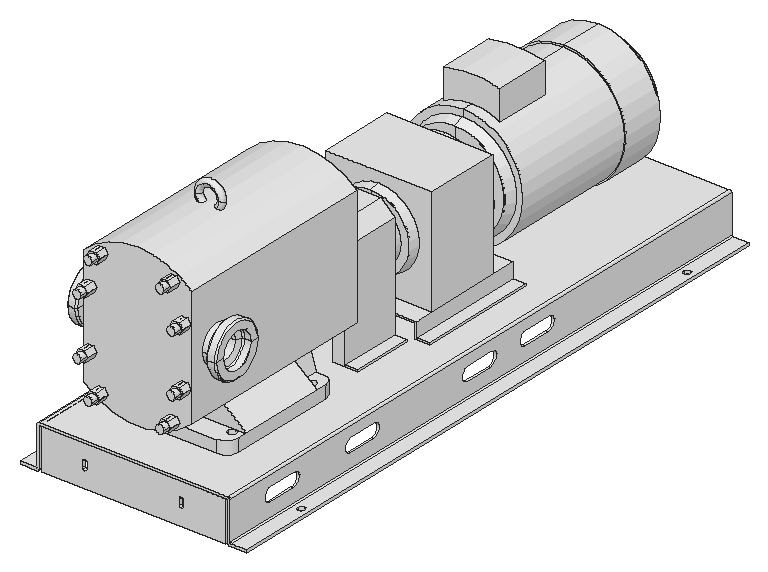
Revit family "MLP 80 - MR282 - Lobe Pump", category Specialty Equipment, Revit 2022
Family settings
  Round Connector Dimension = Use Diameter
  Part Type = Normal
  Work Plane-Based = No
  Always vertical = Yes
  Cut with Voids When Loaded = No
  Maintain Annotation Orientation = No
  Shared = No
  Room Calculation Point = No
Parameters (values of type "MLP 80 - MR282")
  URL = "https://en.ekinendustriyel.com/lobe-pumps/lobe-pumps"
  Pressure = 15.0 bar  # constant formula
  Motor Power = 15 kW  # constant formula
  Model = "MLP-80-TUL - MR282"
  Manufacturer = "Ekin Endüstriyel"
  Keynote = "Lobe Pump"
  Flow = 40.0 m³/h  # constant formula
  Description = "MIT MLP 80 - Lobe Pump"
  Default Elevation = 0 mm
Reference planes
  plane 1 "Center (Front/Back)": y = 0
  plane 2: z = 0
  plane 3 "Center (Left/Right)": x = -884.748
Forms (mm)
  Extrusion 1, solid, material "Ekin Endüstriyel_StainlesSteel"
    sketch origin (0, 0, 0) x (1, 0, 0) y (0, 0, 1)
      loop
        line (-996.247, 346.711) -> (-996.247, 101.086)
        arc (-996.247, 101.086) -> (-884.747, 58.329) -> (-773.247, 101.086) r 166.761
        line (-773.247, 101.086) -> (-773.247, 346.711)
        arc (-773.247, 346.711) -> (-884.747, 390.131) -> (-996.247, 346.711) r 164.871
    from 0 to -428.2
  Sweep 2, solid, material "Ekin Endüstriyel_StainlesSteel"
    path origin (0, 0, 0) x (1, 0, 0) y (0, 0, 1)
      loop
        circle (-884.748, 403.317) r 30.936
    profile origin (-884.748, 0, 372.381) x (0, 0, 1) y (0, -1, 0)
      loop
        circle (7, -188.264) r 7
  Extrusion 3, solid, material "Ekin Endüstriyel_StainlesSteel", detail levels coarse
    sketch origin (-884.748, 0, 0) x (0, 1, 0) y (0, 0, 1)
      loop
        circle (65.098, 223.898) r 55
    from 111.501 to 154.598
  Extrusion 4, solid, material "Ekin Endüstriyel_StainlesSteel", detail levels medium
    sketch origin (-884.748, 0, 0) x (0, 1, 0) y (0, 0, 1)
      loop
        circle (65.098, 223.898) r 55
      loop
        circle (65.098, 223.898) r 36
    from 111.501 to 154.598
  Revolve 5, solid, material "Ekin Endüstriyel_StainlesSteel", detail levels fine
    sketch origin (0, 0, 223.898) x (1, 0, 0) y (0, 1, 0)
      loop
        line (-730.15, 117.063) -> (-733.185, 120.098) -> (-747.257, 120.098) -> (-750.763, 117.156) -> (-752.708, 106.124)
        arc (-752.708, 106.124) -> (-753.905, 104.051) -> (-756.155, 103.232) r 3.5
        line (-756.155, 103.232) -> (-773.247, 103.232) -> (-773.247, 90.657) -> (-753.574, 90.657) -> (-750.765, 101.923) -> (-747.147, 104.012) -> (-733.289, 104.012) -> (-730.15, 101.814) -> (-730.15, 117.063)
      axis (-773.247, 65.098) -> (-730.15, 65.098)
    angle from 0 to 360
  Extrusion 6, solid, material "Ekin Endüstriyel_StainlesSteel"
    sketch origin (0, 0, 0) x (1, 0, 0) y (0, 1, 0)
      loop
        line (-976.497, 91.114) -> (-792.997, 91.114)
        arc (-792.997, 91.114) -> (-775.32, 98.437) -> (-767.997, 116.114) r 25
        line (-767.997, 116.114) -> (-767.997, 341.114)
        arc (-767.997, 341.114) -> (-775.32, 358.792) -> (-792.997, 366.114) r 25
        line (-792.997, 366.114) -> (-976.497, 366.114)
        arc (-976.497, 366.114) -> (-994.175, 358.792) -> (-1001.497, 341.114) r 25
        line (-1001.497, 341.114) -> (-1001.497, 116.114)
        arc (-1001.497, 116.114) -> (-994.175, 98.437) -> (-976.497, 91.114) r 25
    from 0 to 25.35
  Extrusion 7, solid, material "Ekin Endüstriyel_StainlesSteel"
    sketch origin (0, 0, 0) x (1, 0, 0) y (0, 0, 1)
      loop
        line (-1001.497, 25.35) -> (-767.997, 25.35) -> (-823.241, 70.086)
        arc (-823.241, 70.086) -> (-884.747, 58.329) -> (-946.253, 70.086) r 166.761
        line (-946.253, 70.086) -> (-1001.497, 25.35)
    from -319.675 to -135.888
  Extrusion 8, solid, material "Ekin Endüstriyel_StainlesSteel"
    sketch origin (0, 0, 0) x (1, 0, 0) y (0, 0, 1)
      loop
        line (-807.997, 25.35) -> (-820.094, 67.537) -> (-823.241, 70.086)
        arc (-823.241, 70.086) -> (-884.747, 58.329) -> (-946.253, 70.086) r 166.761
        line (-946.253, 70.086) -> (-949.4, 67.537) -> (-961.497, 25.35) -> (-807.997, 25.35)
    from -366.114 to -173.027
  Extrusion 9, void
    sketch origin (0, 0, 0) x (1, 0, 0) y (0, 1, 0)
      loop
        circle (-981.247, 124.701) r 9
      loop
        circle (-981.247, 332.528) r 9
      loop
        circle (-788.249, 124.701) r 9
      loop
        circle (-788.249, 332.528) r 9
    from 0 to 39.733
  Extrusion 10, solid, material "Ekin Endüstriyel_StainlesSteel", detail levels coarse
    sketch origin (-884.748, 0, 0) x (0, 1, 0) y (0, 0, -1)
      loop
        circle (65.098, -223.898) r 55
    from 111.501 to 154.598
  Extrusion 11, solid, material "Ekin Endüstriyel_StainlesSteel", detail levels medium
    sketch origin (-884.748, 0, 0) x (0, 1, 0) y (0, 0, -1)
      loop
        circle (65.098, -223.898) r 55
      loop
        circle (65.098, -223.898) r 36
    from 111.501 to 154.598
  Revolve 12, solid, material "Ekin Endüstriyel_StainlesSteel", detail levels fine
    sketch origin (-1769.496, 0, 223.898) x (-1, 0, 0) y (0, -1, 0)
      loop
        line (-730.15, -117.063) -> (-730.15, -101.814) -> (-733.289, -104.012) -> (-747.147, -104.012) -> (-750.765, -101.923) -> (-753.574, -90.657) -> (-773.247, -90.657) -> (-773.247, -103.232) -> (-756.155, -103.232)
        arc (-756.155, -103.232) -> (-753.905, -104.051) -> (-752.708, -106.124) r 3.5
        line (-752.708, -106.124) -> (-750.763, -117.156) -> (-747.257, -120.098) -> (-733.185, -120.098) -> (-730.15, -117.063)
      axis (-773.247, -65.098) -> (-730.15, -65.098)
    angle from 0 to 360
  Extrusion 13, solid, material "Ekin Endüstriyel_StainlesSteel", detail levels medium+fine
    sketch origin (0, 0, 0) x (1, 0, 0) y (0, 0, 1)
      loop
        line (-946.565, 354.5) -> (-952.906, 365.484) -> (-965.589, 365.484) -> (-971.931, 354.5) -> (-965.589, 343.517) -> (-952.906, 343.517) -> (-946.565, 354.5)
      loop
        line (-969.741, 283.984) -> (-976.083, 294.968) -> (-988.766, 294.968) -> (-995.107, 283.984) -> (-988.766, 273) -> (-976.083, 273) -> (-969.741, 283.984)
      loop
        circle (-959.257, 354.516) r 8.514
      loop
        circle (-982.434, 284) r 8.514
      loop
        line (-822.931, 354.5) -> (-816.59, 343.517) -> (-803.907, 343.517) -> (-797.565, 354.5) -> (-803.907, 365.484) -> (-816.59, 365.484) -> (-822.931, 354.5)
      loop
        line (-799.755, 283.984) -> (-793.413, 273) -> (-780.73, 273) -> (-774.389, 283.984) -> (-780.73, 294.968) -> (-793.413, 294.968) -> (-799.755, 283.984)
      loop
        circle (-810.238, 354.516) r 8.514
      loop
        circle (-787.062, 284) r 8.514
      loop
        line (-946.565, 93.296) -> (-952.906, 104.28) -> (-965.589, 104.28) -> (-971.931, 93.296) -> (-965.589, 82.313) -> (-952.906, 82.313) -> (-946.565, 93.296)
      loop
        line (-969.741, 163.813) -> (-976.083, 174.797) -> (-988.766, 174.797) -> (-995.107, 163.813) -> (-988.766, 152.829) -> (-976.083, 152.829) -> (-969.741, 163.813)
      loop
        circle (-959.257, 93.281) r 8.514
      loop
        circle (-982.434, 163.797) r 8.514
      loop
        line (-822.931, 93.296) -> (-816.59, 82.313) -> (-803.907, 82.313) -> (-797.565, 93.296) -> (-803.907, 104.28) -> (-816.59, 104.28) -> (-822.931, 93.296)
      loop
        line (-799.755, 163.813) -> (-793.413, 152.829) -> (-780.73, 152.829) -> (-774.389, 163.813) -> (-780.73, 174.797) -> (-793.413, 174.797) -> (-799.755, 163.813)
      loop
        circle (-810.238, 93.281) r 8.514
      loop
        circle (-787.062, 163.797) r 8.514
    from 0 to 21.863
  Extrusion 14, solid, material "Ekin Endüstriyel_StainlesSteel"
    sketch origin (0, 0, 0) x (1, 0, 0) y (0, 0, 1)
      loop
        circle (-959.257, 354.516) r 8.514
      loop
        circle (-982.434, 284) r 8.514
      loop
        circle (-810.238, 354.516) r 8.514
      loop
        circle (-787.062, 284) r 8.514
      loop
        circle (-959.257, 93.281) r 8.514
      loop
        circle (-982.434, 163.797) r 8.514
      loop
        circle (-810.238, 93.281) r 8.514
      loop
        circle (-787.062, 163.797) r 8.514
    from 0 to 34.94
  Extrusion 15, solid, material "Ekin Endüstriyel_StainlesSteel"
    sketch origin (0, 428.2, 0) x (-1, 0, 0) y (0, 0, 1)
      loop
        circle (884.93, 164.108) r 21
    from 0 to 75.746
  Extrusion 16, solid, material "Ekin Endüstriyel_StainlesSteel", detail levels medium+fine
    sketch origin (-884.754, 277.832, 0) x (-1, 0, 0) y (0, 0, 1)
      loop
        line (234.987, -85) -> (201.994, -85)
        arc (201.994, -85) -> (200.58, -84.414) -> (199.994, -83) r 2
        line (199.994, -83) -> (199.994, -5)
        arc (199.994, -5) -> (198.53, -1.464) -> (194.994, 0) r 5
        line (194.994, 0) -> (-195.006, 0)
        arc (-195.006, 0) -> (-198.541, -1.464) -> (-200.006, -5) r 5
        line (-200.006, -5) -> (-200.006, -83)
        arc (-200.006, -83) -> (-200.592, -84.414) -> (-202.006, -85) r 2
        line (-202.006, -85) -> (-235.013, -85) -> (-235.013, -90) -> (-200.006, -90)
        arc (-200.006, -90) -> (-196.47, -88.536) -> (-195.006, -85) r 5
        line (-195.006, -85) -> (-195.006, -7)
        arc (-195.006, -7) -> (-194.42, -5.586) -> (-193.006, -5) r 2
        line (-193.006, -5) -> (192.994, -5)
        arc (192.994, -5) -> (194.408, -5.586) -> (194.994, -7) r 2
        line (194.994, -7) -> (194.994, -85)
        arc (194.994, -85) -> (196.459, -88.536) -> (199.994, -90) r 5
        line (199.994, -90) -> (234.987, -90) -> (234.987, -85)
    from -288.321 to 1011.679
  Extrusion 17, void
    sketch origin (-684.748, 277.832, -5) x (0, 0, -1) y (0, 1, 0)
      loop
        line (20, -123.321) -> (20, -183.321)
        arc (20, -183.321) -> (35, -198.321) -> (50, -183.321) r 15
        line (50, -183.321) -> (50, -123.321)
        arc (50, -123.321) -> (35, -108.321) -> (20, -123.321) r 15
      loop
        arc (20, 24.679) -> (35, 9.679) -> (50, 24.679) r 15
        line (50, 24.679) -> (50, 84.679)
        arc (50, 84.679) -> (35, 99.679) -> (20, 84.679) r 15
        line (20, 84.679) -> (20, 24.679)
      loop
        line (20, 387.829) -> (20, 327.829)
        arc (20, 327.829) -> (35, 312.829) -> (50, 327.829) r 15
        line (50, 327.829) -> (50, 387.829)
        arc (50, 387.829) -> (35, 402.829) -> (20, 387.829) r 15
      loop
        arc (20, 477.829) -> (35, 462.829) -> (50, 477.829) r 15
        line (50, 477.829) -> (50, 537.829)
        arc (50, 537.829) -> (35, 552.829) -> (20, 537.829) r 15
        line (20, 537.829) -> (20, 477.829)
    from 0 to -400
  Extrusion 18, solid, material "Ekin Endüstriyel_StainlesSteel", detail levels medium+fine
    sketch origin (-884.754, 904.582, 0) x (1, 0, 0) y (0, 0, 1)
      loop
        line (-190.994, -90) -> (191.006, -90) -> (191.006, -5) -> (-190.994, -5) -> (-190.994, -90)
      loop
        arc (-94.994, -39) -> (-99.994, -34) -> (-104.994, -39) r 5
        line (-104.994, -39) -> (-104.994, -51)
        arc (-104.994, -51) -> (-99.994, -56) -> (-94.994, -51) r 5
        line (-94.994, -51) -> (-94.994, -39)
      loop
        arc (105.006, -39) -> (100.006, -34) -> (95.006, -39) r 5
        line (95.006, -39) -> (95.006, -51)
        arc (95.006, -51) -> (100.006, -56) -> (105.006, -51) r 5
        line (105.006, -51) -> (105.006, -39)
    from -379.929 to -384.929
  Extrusion 19, void
    sketch origin (-884.754, 277.832, 0) x (0, 1, 0) y (-1, 0, 0)
      loop
        circle (872.168, 219.994) r 7.5
      loop
        circle (-127.832, 219.994) r 7.5
      loop
        circle (-127.832, -220.006) r 7.5
      loop
        circle (872.168, -220.006) r 7.5
    from -90 to -57
  Extrusion 20, solid, material "Ekin Endüstriyel_StainlesSteel", detail levels coarse
    sketch origin (-884.754, 277.832, 0) x (0, 1, 0) y (-1, 0, 0)
      loop
        line (-288.318, -235.006) -> (1011.802, -235.006) -> (1011.802, 234.994) -> (-288.318, 234.994) -> (-288.318, -235.006)
    from 0 to -90
  Extrusion 21, solid, material "Ekin Endüstriyel_StainlesSteel", detail levels medium+fine
    sketch origin (-884.754, 404.082, 0) x (-1, 0, 0) y (0, 0, 1)
      loop
        line (-75.552, 220.119) -> (-75.552, 3) -> (-102, 3) -> (-102, 0) -> (-50.552, 0) -> (-50.552, 209.763) -> (-38.133, 222.182) -> (38.136, 222.182) -> (50.554, 209.763) -> (50.554, 0) -> (102, 0) -> (102, 3) -> (75.554, 3) -> (75.554, 220.119) -> (48.323, 247.349) -> (-48.321, 247.349) -> (-75.552, 220.119)
    from 38.553 to 167.216
  Extrusion 22, solid, material "Ekin Endüstriyel_StainlesSteel", detail levels coarse
    sketch origin (-884.754, 277.832, 0) x (-1, 0, 0) y (0, 0, 1)
      loop
        line (-137.006, 34) -> (-137.006, 0) -> (136.994, 0) -> (136.994, 34) -> (-137.006, 34)
    from 307.829 to 557.829
  Extrusion 23, solid, material "Ekin Endüstriyel_StainlesSteel", detail levels coarse
    sketch origin (-884.754, 404.082, 0) x (-1, 0, 0) y (0, 0, 1)
      loop
        line (-75.552, 220.119) -> (-75.552, 0) -> (75.554, 0) -> (75.554, 220.119) -> (48.323, 247.349) -> (-48.321, 247.349) -> (-75.552, 220.119)
    from 38.553 to 167.216
  Extrusion 24, solid, material "Ekin Endüstriyel_StainlesSteel", detail levels medium+fine
    sketch origin (-884.754, 277.832, 0) x (-1, 0, 0) y (0, 0, 1)
      loop
        line (-137.006, 3) -> (-137.006, 0) -> (-107.006, 0) -> (-107.006, 31.023) -> (106.994, 31.023) -> (106.994, 0) -> (136.994, 0) -> (136.994, 3) -> (109.994, 3) -> (109.994, 34) -> (-110.006, 34) -> (-110.006, 3) -> (-137.006, 3)
    from 307.829 to 557.829
  Extrusion 25, solid, material "Ekin Endüstriyel_StainlesSteel", detail levels coarse
    sketch origin (-884.754, 277.832, 10) x (-1, 0, 0) y (0, 0, 1)
      loop
        circle (-0.006, 142.78) r 128.5
    from 505.703 to 953.31
  Extrusion 26, solid, material "Ekin Endüstriyel_StainlesSteel", detail levels medium+fine
    sketch origin (-884.754, 277.832, 0) x (-1, 0, 0) y (0, 0, 1)
      loop
        line (-110.006, 34) -> (109.994, 34) -> (109.994, 256.66) -> (-110.006, 256.66) -> (-110.006, 34)
    from 347.821 to 505.703
  Revolve 27, solid, material "Ekin Endüstriyel_StainlesSteel", detail levels medium+fine
    sketch origin (-884.366, 298.302, 83) x (0, 0, -1) y (0, 1, 0)
      loop
        line (-69.754, 932.839) -> (-160.8, 932.839) -> (-197.944, 895.695) -> (-197.944, 806.332) -> (-194.23, 806.332) -> (-194.23, 545.179) -> (-179.858, 545.179) -> (-172.024, 524.479) -> (-144.924, 524.479) -> (-139.261, 500.417) -> (-169.044, 500.417) -> (-169.044, 485.233) -> (-69.754, 485.233) -> (-69.754, 932.839)
      loop
        line (-148.572, 306.904) -> (-130.527, 306.904) -> (-130.527, 289.716) -> (-106.114, 289.716) -> (-106.114, 281.859) -> (-69.754, 281.859) -> (-69.754, 327.35) -> (-151.88, 327.35) -> (-148.572, 306.904)
      axis (-69.754, 281.859) -> (-69.754, 932.839)
    angle from 0 to 360
  Extrusion 28, solid, material "Ekin Endüstriyel_StainlesSteel", detail levels medium+fine
    sketch origin (-884.366, 1231.141, 209.651) x (-1, 0, 0) y (0, 0, 1)
      loop
        line (-58.118, 40.981) -> (58.728, 40.981) -> (58.728, 115.45)
        arc (58.728, 115.45) -> (0.298, 121.922) -> (-58.118, 115.32) r 264.363
        line (-58.118, 115.32) -> (-58.118, 40.981)
    from -364.529 to -248.65
  Extrusion 29, solid, material "Ekin Endüstriyel_StainlesSteel", detail levels coarse
    sketch origin (-814.754, 277.832, 34) x (-1, 0, 0) y (0, -1, 0)
      loop
        line (179.994, -505.703) -> (179.994, -293.466) -> (-40.006, -293.466) -> (-40.006, -505.703) -> (179.994, -505.703)
    from 0.05 to 222.66
  Extrusion 30, solid, material "Ekin Endüstriyel_StainlesSteel", detail levels medium+fine
    sketch origin (-884.754, 59.582, 0) x (1, 0, 0) y (0, 0, 1)
      loop
        line (-190.994, -90) -> (191.006, -90) -> (191.006, -5) -> (-190.994, -5) -> (-190.994, -90)
      loop
        arc (-94.994, -39) -> (-99.994, -34) -> (-104.994, -39) r 5
        line (-104.994, -39) -> (-104.994, -51)
        arc (-104.994, -51) -> (-99.994, -56) -> (-94.994, -51) r 5
        line (-94.994, -51) -> (-94.994, -39)
      loop
        arc (105.006, -39) -> (100.006, -34) -> (95.006, -39) r 5
        line (95.006, -39) -> (95.006, -51)
        arc (95.006, -51) -> (100.006, -56) -> (105.006, -51) r 5
        line (105.006, -51) -> (105.006, -39)
    from 70.071 to 65.071
Cuts and joins
  joined: Extrusion 1, Sweep 2
  joined: Extrusion 7, Extrusion 8
  Extrusion 9 cuts Extrusion 6
  Extrusion 17, Extrusion 19 cuts Extrusion 16
  joined: Revolve 27, Extrusion 28
Dimensions and locks
  aligned and locked: level to plane 2
Connectors
  piping at (-730.15, 65.098, 223.898), diameter 101.6
    settings: on Extrusion 3, index 1, connector inside diameter 609.6 mm, connector length 0 mm, flow factor 0, pipe flow 0.0 m³/h, pressure drop 0.0 bar, fitting loss kfactor 0, connector angle 0.00°, fixture units 0, engagement length 0 mm, angle of deflection 0.00°, flow configuration 0, flow direction 0, fitting loss method 0, system type 7, joint type 0, gender type 0, connector reference index -1, connector utility 0, adjustable connector no, is connector primary yes, connector description ""
  piping at (-1039.346, 65.098, 223.898), diameter 101.6
    settings: on Extrusion 10, index 2, connector inside diameter 609.6 mm, connector length 0 mm, flow factor 0, pipe flow 0.0 m³/h, pressure drop 0.0 bar, fitting loss kfactor 0, connector angle 0.00°, fixture units 0, engagement length 0 mm, angle of deflection 0.00°, flow configuration 0, flow direction 0, fitting loss method 0, system type 7, joint type 0, gender type 0, connector reference index -1, connector utility 0, adjustable connector no, is connector primary no, connector description ""
